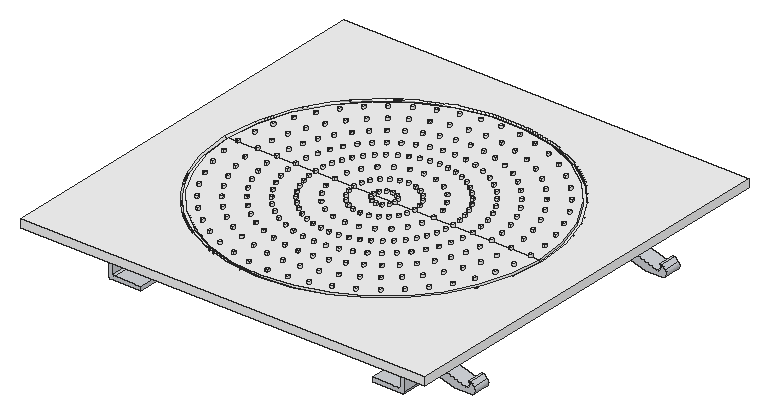
Revit family "Reece_Shower_GROHE_F Series_Overhead Shower_508 mm", category Plumbing Fixtures, host Face, Revit 2018
Family settings
  Host = Face
  Round Connector Dimension = Use Diameter
  Part Type = Normal
  Cut with Voids When Loaded = No
  Shared = Yes
  Room Calculation Point = Yes
Parameters (values of type "Chrome")
  WFU = 0  # constant formula
  URL = "https://www.reece.com.au/product/-9506717"
  Type Comments = "Shower"
  Reece_Shower_Inlet = 12 mm  # constant formula
  Reece_Product_Web Page = "https://www.reece.com.au/product/-9506717"
  Reece_Product_Type = "Shower"  # constant formula
  Reece_Product_Sub Brand = "F-Series"  # constant formula
  Reece_Product_Number = "9506717"
  Reece_Product_Mount = "Ceiling Mounted"
  Reece_Product_Description = "GROHE Rainshower F-Series Ceiling Mounted Shower Head 508mm Chrome (2 Star)"
  Reece_Product_Brand = "GROHE"  # constant formula
  Reece_Overall_Width = 508 mm  # constant formula
  Reece_Overall_Length = 508 mm  # constant formula
  Reece_Overall_Height = 12 mm  # constant formula
  Reece_Overall-Diameter = 390 mm  # constant formula
  Reece_Material_Main [instance] = Reece_Brass_Chrome
  Reece_Detail_Disclaimer = "THIS FILE IS THE PROPERTY OF THE REECE GROUP. IT MAY NOT BE REPRODUCED, REVERSE-ENGINEERED OR MODIFIED. ANY REPUBLICATION, TRANSMISSION OR DISTRIBUTION FOR THE PURPOSE OF COMMERCIALLY EXPLOITING THE FILES IS PROHIBITED."  # constant formula
  Reece_Detail_Additional = "Overhead Shower"  # constant formula
  Model = "F-Series"
  Manufacturer = "GROHE"
  Keynote = "Product #9506717, Reece_Shower_GROHE_F Series_Overhead Shower_508 mm - Chrome"
  HWFU = 0  # constant formula
  Disclaimer = "THIS FILE IS THE PROPERTY OF THE REECE GROUP. IT MAY NOT BE REPRODUCED, REVERSE-ENGINEERED OR MODIFIED. ANY REPUBLICATION, TRANSMISSION OR DISTRIBUTION FOR THE PURPOSE OF COMMERCIALLY EXPLOITING THE FILES IS PROHIBITED."  # constant formula
  Description = "GROHE Rainshower F-Series Ceiling Mounted Shower Head 508mm Chrome (2 Star)"
  Default Elevation = 0 mm
  CWFU = 0  # constant formula
Reference planes
  plane 1 "Center (Front/Back)": y = 0
  plane 2: z = 0
  plane 3 "Center (Left/Right)": x = 0
  plane 4: y = 195
  plane 5: y = -195
  plane 6: x = -195
  plane 7: x = 195
  plane 8: z = 12
  plane 9: z = -65
  plane 10: y = 254
  plane 11: y = -254
  plane 12: x = -254
  plane 13: x = 254
Forms (mm)
  Revolve 1, solid, material "Reece_Brass_Chrome" <- "Reece_Material_Main"
    sketch origin (0, 0, -219.6) x (1, 0, 0) y (0, 0, 1)
      loop
        line (0, 229.6) -> (0, 189.1) -> (16, 189.1) -> (16, 199.71)
        arc (16, 199.71) -> (15.446, 201.046) -> (14.11, 201.6) r 1.89
        line (14.11, 201.6) -> (11, 201.6) -> (11, 211.6) -> (26, 211.6) -> (26, 214.6) -> (192.5, 214.6) -> (192.5, 219.6) -> (195, 219.6) -> (195, 229.6) -> (0, 229.6)
      axis (0, 229.6) -> (0, 189.1)
    angle from 0 to 360
  Extrusion 2, solid, material "Reece_Brass_Chrome" <- "Reece_Material_Main", detail levels fine
    sketch origin (2.068, -0.55, -42.4) x (0.866025, -0.5, 0) y (0.5, 0.866025, 0)
      loop
        circle (-93.916, 158.531) r 2
      loop
        circle (-81.766, 137.487) r 2
      loop
        circle (-69.616, 116.443) r 2
      loop
        circle (-57.466, 95.398) r 2
      loop
        circle (-45.316, 74.354) r 2
      loop
        circle (-33.166, 53.309) r 2
      loop
        circle (-21.016, 32.265) r 2
      loop
        circle (-8.866, 11.221) r 2
      loop
        circle (-161.155, -92.407) r 2
      loop
        circle (-140.111, -80.257) r 2
      loop
        circle (-119.066, -68.107) r 2
      loop
        circle (-98.022, -55.957) r 2
      loop
        circle (-76.978, -43.807) r 2
      loop
        circle (-55.933, -31.657) r 2
      loop
        circle (-34.889, -19.507) r 2
      loop
        circle (-13.844, -7.357) r 2
      loop
        circle (-161.155, 91.293) r 2
      loop
        circle (-140.111, 79.143) r 2
      loop
        circle (-119.066, 66.993) r 2
      loop
        circle (-98.022, 54.843) r 2
      loop
        circle (-76.978, 42.693) r 2
      loop
        circle (-55.933, 30.543) r 2
      loop
        circle (-34.889, 18.393) r 2
      loop
        circle (-13.844, 6.243) r 2
      loop
        circle (-185.766, -0.557) r 2
      loop
        circle (-161.466, -0.557) r 2
      loop
        circle (-137.166, -0.557) r 2
      loop
        circle (-112.866, -0.557) r 2
      loop
        circle (-88.566, -0.557) r 2
      loop
        circle (-64.266, -0.557) r 2
      loop
        circle (-39.966, -0.557) r 2
      loop
        circle (-15.666, -0.557) r 2
      loop
        circle (-179.507, 46.988) r 2
      loop
        circle (-156.035, 40.698) r 2
      loop
        circle (-132.563, 34.409) r 2
      loop
        circle (-109.091, 28.12) r 2
      loop
        circle (-85.619, 21.83) r 2
      loop
        circle (-62.147, 15.541) r 2
      loop
        circle (-38.675, 9.252) r 2
      loop
        circle (-179.507, -48.102) r 2
      loop
        circle (-156.035, -41.813) r 2
      loop
        circle (-132.563, -35.524) r 2
      loop
        circle (-109.091, -29.235) r 2
      loop
        circle (-85.619, -22.945) r 2
      loop
        circle (-62.147, -16.656) r 2
      loop
        circle (-38.675, -10.367) r 2
      loop
        circle (-171.783, -70.856) r 2
      loop
        circle (-149.333, -61.557) r 2
      loop
        circle (-126.882, -52.258) r 2
      loop
        circle (-104.432, -42.959) r 2
      loop
        circle (-81.982, -33.659) r 2
      loop
        circle (-184.195, -24.535) r 2
      loop
        circle (-160.103, -21.363) r 2
      loop
        circle (-136.011, -18.191) r 2
      loop
        circle (-111.918, -15.02) r 2
      loop
        circle (-87.826, -11.848) r 2
      loop
        circle (-184.195, 23.42) r 2
      loop
        circle (-160.103, 20.249) r 2
      loop
        circle (-136.011, 17.077) r 2
      loop
        circle (-111.918, 13.905) r 2
      loop
        circle (-87.826, 10.733) r 2
      loop
        circle (-171.783, 69.742) r 2
      loop
        circle (-149.333, 60.442) r 2
      loop
        circle (-126.882, 51.143) r 2
      loop
        circle (-104.432, 41.844) r 2
      loop
        circle (-81.982, 32.545) r 2
      loop
        circle (-131.962, 129.338) r 2
      loop
        circle (-114.779, 112.155) r 2
      loop
        circle (-97.596, 94.973) r 2
      loop
        circle (-80.414, 77.79) r 2
      loop
        circle (-63.231, 60.607) r 2
      loop
        circle (-46.048, 43.425) r 2
      loop
        circle (-28.866, 26.242) r 2
      loop
        circle (-113.896, 145.182) r 2
      loop
        circle (-99.103, 125.903) r 2
      loop
        circle (-84.31, 106.625) r 2
      loop
        circle (-69.517, 87.346) r 2
      loop
        circle (-54.724, 68.068) r 2
      loop
        circle (-147.805, 111.272) r 2
      loop
        circle (-128.527, 96.479) r 2
      loop
        circle (-109.248, 81.686) r 2
      loop
        circle (-89.97, 66.893) r 2
      loop
        circle (-70.691, 52.1) r 2
      loop
        circle (-2.066, 183.143) r 2
      loop
        circle (-2.066, 158.843) r 2
      loop
        circle (-2.066, 134.543) r 2
      loop
        circle (-2.066, 110.243) r 2
      loop
        circle (-2.066, 85.943) r 2
      loop
        circle (-2.066, 61.643) r 2
      loop
        circle (-2.066, 37.343) r 2
      loop
        circle (-2.066, 13.043) r 2
      loop
        circle (89.784, 158.531) r 2
      loop
        circle (77.634, 137.487) r 2
      loop
        circle (65.484, 116.443) r 2
      loop
        circle (53.334, 95.398) r 2
      loop
        circle (41.184, 74.354) r 2
      loop
        circle (29.034, 53.309) r 2
      loop
        circle (16.884, 32.265) r 2
      loop
        circle (4.734, 11.221) r 2
      loop
        circle (45.479, 176.883) r 2
      loop
        circle (39.189, 153.411) r 2
      loop
        circle (32.9, 129.939) r 2
      loop
        circle (26.611, 106.467) r 2
      loop
        circle (20.322, 82.995) r 2
      loop
        circle (14.032, 59.523) r 2
      loop
        circle (7.743, 36.051) r 2
      loop
        circle (127.829, 129.338) r 2
      loop
        circle (110.646, 112.155) r 2
      loop
        circle (93.464, 94.973) r 2
      loop
        circle (76.281, 77.79) r 2
      loop
        circle (59.098, 60.607) r 2
      loop
        circle (41.916, 43.425) r 2
      loop
        circle (24.733, 26.242) r 2
      loop
        circle (143.673, 111.272) r 2
      loop
        circle (124.394, 96.479) r 2
      loop
        circle (105.116, 81.686) r 2
      loop
        circle (85.837, 66.893) r 2
      loop
        circle (66.559, 52.1) r 2
      loop
        circle (109.763, 145.182) r 2
      loop
        circle (94.97, 125.903) r 2
      loop
        circle (80.177, 106.625) r 2
      loop
        circle (65.384, 87.346) r 2
      loop
        circle (50.592, 68.068) r 2
      loop
        circle (68.233, 169.159) r 2
      loop
        circle (58.933, 146.709) r 2
      loop
        circle (49.634, 124.259) r 2
      loop
        circle (40.335, 101.808) r 2
      loop
        circle (31.036, 79.358) r 2
      loop
        circle (21.911, 181.571) r 2
      loop
        circle (18.74, 157.479) r 2
      loop
        circle (15.568, 133.387) r 2
      loop
        circle (12.396, 109.295) r 2
      loop
        circle (9.224, 85.203) r 2
      loop
        circle (-49.611, 176.883) r 2
      loop
        circle (-43.322, 153.411) r 2
      loop
        circle (-37.033, 129.939) r 2
      loop
        circle (-30.743, 106.467) r 2
      loop
        circle (-24.454, 82.995) r 2
      loop
        circle (-18.165, 59.523) r 2
      loop
        circle (-11.876, 36.051) r 2
      loop
        circle (-72.365, 169.159) r 2
      loop
        circle (-63.066, 146.709) r 2
      loop
        circle (-53.767, 124.259) r 2
      loop
        circle (-44.468, 101.808) r 2
      loop
        circle (-35.168, 79.358) r 2
      loop
        circle (-26.044, 181.571) r 2
      loop
        circle (-22.872, 157.479) r 2
      loop
        circle (-19.7, 133.387) r 2
      loop
        circle (-16.529, 109.295) r 2
      loop
        circle (-13.357, 85.203) r 2
      loop
        circle (89.784, -159.646) r 2
      loop
        circle (77.634, -138.602) r 2
      loop
        circle (65.484, -117.557) r 2
      loop
        circle (53.334, -96.513) r 2
      loop
        circle (41.184, -75.469) r 2
      loop
        circle (29.034, -54.424) r 2
      loop
        circle (16.884, -33.38) r 2
      loop
        circle (4.734, -12.335) r 2
      loop
        circle (-2.066, -184.257) r 2
      loop
        circle (-2.066, -159.957) r 2
      loop
        circle (-2.066, -135.657) r 2
      loop
        circle (-2.066, -111.357) r 2
      loop
        circle (-2.066, -87.057) r 2
      loop
        circle (-2.066, -62.757) r 2
      loop
        circle (-2.066, -38.457) r 2
      loop
        circle (-2.066, -14.157) r 2
      loop
        circle (-93.916, -159.646) r 2
      loop
        circle (-81.766, -138.602) r 2
      loop
        circle (-69.616, -117.557) r 2
      loop
        circle (-57.466, -96.513) r 2
      loop
        circle (-45.316, -75.469) r 2
      loop
        circle (-33.166, -54.424) r 2
      loop
        circle (-21.016, -33.38) r 2
      loop
        circle (-8.866, -12.335) r 2
      loop
        circle (-49.611, -177.998) r 2
      loop
        circle (-43.322, -154.526) r 2
      loop
        circle (-37.033, -131.054) r 2
      loop
        circle (-30.743, -107.582) r 2
      loop
        circle (-24.454, -84.11) r 2
      loop
        circle (-18.165, -60.638) r 2
      loop
        circle (-11.876, -37.166) r 2
      loop
        circle (-131.962, -130.453) r 2
      loop
        circle (-114.779, -113.27) r 2
      loop
        circle (-97.596, -96.087) r 2
      loop
        circle (-80.414, -78.905) r 2
      loop
        circle (-63.231, -61.722) r 2
      loop
        circle (-46.048, -44.539) r 2
      loop
        circle (-28.866, -27.357) r 2
      loop
        circle (-147.805, -112.387) r 2
      loop
        circle (-128.527, -97.594) r 2
      loop
        circle (-109.248, -82.801) r 2
      loop
        circle (-89.97, -68.008) r 2
      loop
        circle (-70.691, -53.215) r 2
      loop
        circle (-113.896, -146.296) r 2
      loop
        circle (-99.103, -127.018) r 2
      loop
        circle (-84.31, -107.739) r 2
      loop
        circle (-69.517, -88.461) r 2
      loop
        circle (-54.724, -69.182) r 2
      loop
        circle (-72.365, -170.274) r 2
      loop
        circle (-63.066, -147.824) r 2
      loop
        circle (-53.767, -125.373) r 2
      loop
        circle (-44.468, -102.923) r 2
      loop
        circle (-35.168, -80.473) r 2
      loop
        circle (-26.044, -182.686) r 2
      loop
        circle (-22.872, -158.594) r 2
      loop
        circle (-19.7, -134.502) r 2
      loop
        circle (-16.529, -110.409) r 2
      loop
        circle (-13.357, -86.317) r 2
      loop
        circle (45.479, -177.998) r 2
      loop
        circle (39.189, -154.526) r 2
      loop
        circle (32.9, -131.054) r 2
      loop
        circle (26.611, -107.582) r 2
      loop
        circle (20.322, -84.11) r 2
      loop
        circle (14.032, -60.638) r 2
      loop
        circle (7.743, -37.166) r 2
      loop
        circle (68.233, -170.274) r 2
      loop
        circle (58.933, -147.824) r 2
      loop
        circle (49.634, -125.373) r 2
      loop
        circle (40.335, -102.923) r 2
      loop
        circle (31.036, -80.473) r 2
      loop
        circle (21.911, -182.686) r 2
      loop
        circle (18.74, -158.594) r 2
      loop
        circle (15.568, -134.502) r 2
      loop
        circle (12.396, -110.409) r 2
      loop
        circle (9.224, -86.317) r 2
      loop
        circle (157.023, -92.407) r 2
      loop
        circle (135.978, -80.257) r 2
      loop
        circle (114.934, -68.107) r 2
      loop
        circle (93.889, -55.957) r 2
      loop
        circle (72.845, -43.807) r 2
      loop
        circle (51.8, -31.657) r 2
      loop
        circle (30.756, -19.507) r 2
      loop
        circle (9.712, -7.357) r 2
      loop
        circle (181.634, -0.557) r 2
      loop
        circle (157.334, -0.557) r 2
      loop
        circle (133.034, -0.557) r 2
      loop
        circle (108.734, -0.557) r 2
      loop
        circle (84.434, -0.557) r 2
      loop
        circle (60.134, -0.557) r 2
      loop
        circle (35.834, -0.557) r 2
      loop
        circle (11.534, -0.557) r 2
      loop
        circle (175.374, -48.102) r 2
      loop
        circle (151.902, -41.813) r 2
      loop
        circle (128.43, -35.524) r 2
      loop
        circle (104.958, -29.235) r 2
      loop
        circle (81.486, -22.945) r 2
      loop
        circle (58.014, -16.656) r 2
      loop
        circle (34.542, -10.367) r 2
      loop
        circle (175.374, 46.988) r 2
      loop
        circle (151.902, 40.698) r 2
      loop
        circle (128.43, 34.409) r 2
      loop
        circle (104.958, 28.12) r 2
      loop
        circle (81.486, 21.83) r 2
      loop
        circle (58.014, 15.541) r 2
      loop
        circle (34.542, 9.252) r 2
      loop
        circle (167.65, 69.742) r 2
      loop
        circle (145.2, 60.442) r 2
      loop
        circle (122.75, 51.143) r 2
      loop
        circle (100.3, 41.844) r 2
      loop
        circle (77.849, 32.545) r 2
      loop
        circle (180.062, 23.42) r 2
      loop
        circle (155.97, 20.249) r 2
      loop
        circle (131.878, 17.077) r 2
      loop
        circle (107.786, 13.905) r 2
      loop
        circle (83.694, 10.733) r 2
      loop
        circle (180.062, -24.535) r 2
      loop
        circle (155.97, -21.363) r 2
      loop
        circle (131.878, -18.191) r 2
      loop
        circle (107.786, -15.02) r 2
      loop
        circle (83.694, -11.848) r 2
      loop
        circle (167.65, -70.856) r 2
      loop
        circle (145.2, -61.557) r 2
      loop
        circle (122.75, -52.258) r 2
      loop
        circle (100.3, -42.959) r 2
      loop
        circle (77.849, -33.659) r 2
      loop
        circle (127.829, -130.453) r 2
      loop
        circle (110.646, -113.27) r 2
      loop
        circle (93.464, -96.087) r 2
      loop
        circle (76.281, -78.905) r 2
      loop
        circle (59.098, -61.722) r 2
      loop
        circle (41.916, -44.539) r 2
      loop
        circle (24.733, -27.357) r 2
      loop
        circle (109.763, -146.296) r 2
      loop
        circle (94.97, -127.018) r 2
      loop
        circle (80.177, -107.739) r 2
      loop
        circle (65.384, -88.461) r 2
      loop
        circle (50.592, -69.182) r 2
      loop
        circle (143.673, -112.387) r 2
      loop
        circle (124.394, -97.594) r 2
      loop
        circle (105.116, -82.801) r 2
      loop
        circle (85.837, -68.008) r 2
      loop
        circle (66.559, -53.215) r 2
      loop
        circle (157.023, 91.293) r 2
      loop
        circle (135.978, 79.143) r 2
      loop
        circle (114.934, 66.993) r 2
      loop
        circle (93.889, 54.843) r 2
      loop
        circle (72.845, 42.693) r 2
      loop
        circle (51.8, 30.543) r 2
      loop
        circle (30.756, 18.393) r 2
      loop
        circle (9.712, 6.243) r 2
    from 52.4 to 54.4
  Revolve 3, void
    sketch origin (0, 0, -32.6) x (1, 0, 0) y (0, 0, 1)
      loop
        line (0, 40.593) -> (0, 45.2) -> (-201.3, 45.2) -> (-198.996, 40.593) -> (0, 40.593)
      axis (0, 45.2) -> (0, 40.593)
    angle from 0 to 360
  Extrusion 4, solid, material "Reece_Brass_Chrome" <- "Reece_Material_Main"
    sketch origin (0, 0, 0) x (1, 0, 0) y (0, 1, 0)
      loop
        line (-254, 254) -> (-254, -254) -> (254, -254) -> (254, 254) -> (-254, 254)
    from 0 to 10
  Extrusion 5, solid
    sketch origin (0, 0, 0) x (-1, 0, 0) y (0, 0, -1)
      loop
        line (-185.5, 5) -> (-180.5, 5) -> (-180.5, 49.905)
        arc (-180.5, 49.905) -> (-179.886, 51.386) -> (-178.405, 52) r 2.095
        line (-178.405, 52) -> (-145.5, 52) -> (-145.5, 57) -> (-183.407, 57)
        arc (-183.407, 57) -> (-184.887, 56.387) -> (-185.5, 54.907) r 2.093
        line (-185.5, 54.907) -> (-185.5, 5)
    from -200 to 200
  Extrusion 6, solid
    sketch origin (0, 0, 0) x (1, 0, 0) y (0, 0, 1)
      loop
        line (-185.5, -5) -> (-185.5, -54.907)
        arc (-185.5, -54.907) -> (-184.887, -56.387) -> (-183.407, -57) r 2.093
        line (-183.407, -57) -> (-145.5, -57) -> (-145.5, -52) -> (-178.405, -52)
        arc (-178.405, -52) -> (-179.886, -51.386) -> (-180.5, -49.905) r 2.095
        line (-180.5, -49.905) -> (-180.5, -5) -> (-185.5, -5)
    from -200 to 200
  Extrusion 7, solid
    sketch origin (0, -140, 0) x (-1, 0, 0) y (0, 0, -1)
      loop
        line (161.544, 0) -> (171.544, 0) -> (171.544, 28.526)
        arc (171.544, 28.526) -> (172.524, 31.5) -> (175.082, 33.308) r 5
        line (175.082, 33.308) -> (230.851, 50.358)
        arc (230.851, 50.358) -> (235.679, 48.354) -> (235.001, 43.171) r 4.298
        line (235.001, 43.171) -> (233.881, 43.171) -> (233.881, 42.299) -> (236.544, 42.299) -> (241.073, 46.828)
        arc (241.073, 46.828) -> (242.602, 51.804) -> (239.342, 55.864) r 5.559
        arc (239.342, 55.864) -> (237.972, 56.295) -> (236.544, 56.441) r 7.071
        line (236.544, 56.441) -> (216.544, 56.441) -> (165.082, 40.707)
        arc (165.082, 40.707) -> (162.524, 38.9) -> (161.544, 35.926) r 5
        line (161.544, 35.926) -> (161.544, 0)
    from 0 to 20
  Extrusion 8, void
    sketch origin (-175, 0, -11.808) x (0, 1, 0) y (0, 0, 1)
      loop
        line (175.472, -18.192) -> (125.472, -18.192)
        arc (125.472, -18.192) -> (121.936, -19.656) -> (120.472, -23.192) r 5
        line (120.472, -23.192) -> (120.472, -33.192)
        arc (120.472, -33.192) -> (121.936, -36.728) -> (125.472, -38.192) r 5
        line (125.472, -38.192) -> (175.472, -38.192)
        arc (175.472, -38.192) -> (179.007, -36.728) -> (180.472, -33.192) r 5
        line (180.472, -33.192) -> (180.472, -23.192)
        arc (180.472, -23.192) -> (179.007, -19.656) -> (175.472, -18.192) r 5
    from -14.918 to 0
  Extrusion 9, void
    sketch origin (-175, 0, -11.808) x (0, -1, 0) y (0, 0, -1)
      loop
        arc (175.472, 18.192) -> (179.007, 19.656) -> (180.472, 23.192) r 5
        line (180.472, 23.192) -> (180.472, 33.192)
        arc (180.472, 33.192) -> (179.007, 36.728) -> (175.472, 38.192) r 5
        line (175.472, 38.192) -> (125.472, 38.192)
        arc (125.472, 38.192) -> (121.936, 36.728) -> (120.472, 33.192) r 5
        line (120.472, 33.192) -> (120.472, 23.192)
        arc (120.472, 23.192) -> (121.936, 19.656) -> (125.472, 18.192) r 5
        line (125.472, 18.192) -> (175.472, 18.192)
    from -14.918 to 0
  Extrusion 10, void
    sketch origin (175, 0, -11.808) x (0, 1, 0) y (0, 0, -1)
      loop
        arc (175.472, 18.192) -> (179.007, 19.656) -> (180.472, 23.192) r 5
        line (180.472, 23.192) -> (180.472, 33.192)
        arc (180.472, 33.192) -> (179.007, 36.728) -> (175.472, 38.192) r 5
        line (175.472, 38.192) -> (125.472, 38.192)
        arc (125.472, 38.192) -> (121.936, 36.728) -> (120.472, 33.192) r 5
        line (120.472, 33.192) -> (120.472, 23.192)
        arc (120.472, 23.192) -> (121.936, 19.656) -> (125.472, 18.192) r 5
        line (125.472, 18.192) -> (175.472, 18.192)
    from -14.918 to 0
  Extrusion 11, void
    sketch origin (175, 0, -11.808) x (0, -1, 0) y (0, 0, 1)
      loop
        line (175.472, -18.192) -> (125.472, -18.192)
        arc (125.472, -18.192) -> (121.936, -19.656) -> (120.472, -23.192) r 5
        line (120.472, -23.192) -> (120.472, -33.192)
        arc (120.472, -33.192) -> (121.936, -36.728) -> (125.472, -38.192) r 5
        line (125.472, -38.192) -> (175.472, -38.192)
        arc (175.472, -38.192) -> (179.007, -36.728) -> (180.472, -33.192) r 5
        line (180.472, -33.192) -> (180.472, -23.192)
        arc (180.472, -23.192) -> (179.007, -19.656) -> (175.472, -18.192) r 5
    from -14.918 to 0
  Extrusion 12, solid
    sketch origin (0, 140, 0) x (-1, 0, 0) y (0, 0, 1)
      loop
        line (161.544, 0) -> (161.544, -35.926)
        arc (161.544, -35.926) -> (162.524, -38.9) -> (165.082, -40.707) r 5
        line (165.082, -40.707) -> (216.544, -56.441) -> (236.544, -56.441)
        arc (236.544, -56.441) -> (237.972, -56.295) -> (239.342, -55.864) r 7.071
        arc (239.342, -55.864) -> (242.602, -51.804) -> (241.073, -46.828) r 5.559
        line (241.073, -46.828) -> (236.544, -42.299) -> (233.881, -42.299) -> (233.881, -43.171) -> (235.001, -43.171)
        arc (235.001, -43.171) -> (235.679, -48.354) -> (230.851, -50.358) r 4.298
        line (230.851, -50.358) -> (175.082, -33.308)
        arc (175.082, -33.308) -> (172.524, -31.5) -> (171.544, -28.526) r 5
        line (171.544, -28.526) -> (171.544, 0) -> (161.544, 0)
    from 0 to 20
  Extrusion 13, solid
    sketch origin (0, -140, 0) x (1, 0, 0) y (0, 0, 1)
      loop
        line (161.544, 0) -> (161.544, -35.926)
        arc (161.544, -35.926) -> (162.524, -38.9) -> (165.082, -40.707) r 5
        line (165.082, -40.707) -> (216.544, -56.441) -> (236.544, -56.441)
        arc (236.544, -56.441) -> (237.972, -56.295) -> (239.342, -55.864) r 7.071
        arc (239.342, -55.864) -> (242.602, -51.804) -> (241.073, -46.828) r 5.559
        line (241.073, -46.828) -> (236.544, -42.299) -> (233.881, -42.299) -> (233.881, -43.171) -> (235.001, -43.171)
        arc (235.001, -43.171) -> (235.679, -48.354) -> (230.851, -50.358) r 4.298
        line (230.851, -50.358) -> (175.082, -33.308)
        arc (175.082, -33.308) -> (172.524, -31.5) -> (171.544, -28.526) r 5
        line (171.544, -28.526) -> (171.544, 0) -> (161.544, 0)
    from 0 to 20
  Extrusion 14, solid
    sketch origin (0, 140, 0) x (1, 0, 0) y (0, 0, -1)
      loop
        line (161.544, 0) -> (171.544, 0) -> (171.544, 28.526)
        arc (171.544, 28.526) -> (172.524, 31.5) -> (175.082, 33.308) r 5
        line (175.082, 33.308) -> (230.851, 50.358)
        arc (230.851, 50.358) -> (235.679, 48.354) -> (235.001, 43.171) r 4.298
        line (235.001, 43.171) -> (233.881, 43.171) -> (233.881, 42.299) -> (236.544, 42.299) -> (241.073, 46.828)
        arc (241.073, 46.828) -> (242.602, 51.804) -> (239.342, 55.864) r 5.559
        arc (239.342, 55.864) -> (237.972, 56.295) -> (236.544, 56.441) r 7.071
        line (236.544, 56.441) -> (216.544, 56.441) -> (165.082, 40.707)
        arc (165.082, 40.707) -> (162.524, 38.9) -> (161.544, 35.926) r 5
        line (161.544, 35.926) -> (161.544, 0)
    from 0 to 20
  Extrusion 15, void
    sketch origin (0, 0, 0) x (1, 0, 0) y (0, 0, 1)
      loop
        line (-195, 0) -> (-195, -65) -> (195, -65) -> (195, 0) -> (-195, 0)
    from -213.577 to 212.467
Cuts and joins
  Revolve 3 cuts Extrusion 4
  Extrusion 8, Extrusion 9, Extrusion 10, Extrusion 11 cuts Extrusion 6
  Extrusion 11 cuts Extrusion 7
  Extrusion 10, Extrusion 11 cuts Extrusion 5
Text (mm)
  text "Reece Copyright © 2018, Reece Ltd." at (-684.407, -384.82, 0), in view "Ref. Level"
  text "Reece ©" at (-69.517, 510.906, -588.807), in view "Reece_Preview"
Dimensions and locks
  equal spacing: plane 4, plane 1 "Center (Front/Back)", plane 5
  "Reece_Overall-Diameter": plane 4 to plane 5
  "Reece_Overall_Height": plane 8 to host face
  "Reece_Overall_Length": plane 10 to plane 11
  equal spacing: plane 12, plane 3 "Center (Left/Right)", plane 13
  "Reece_Overall_Width": plane 12 to plane 13
  plane 13 to plane 12 = 508 mm
  plane 10 to plane 11 = 508 mm
  aligned and locked: host face to plane 2
  aligned and locked: host face to level
Automatic sketch dimensions
  host sketch curve to host sketch curve = 719.989 mm
  host sketch curve to host sketch curve = 682.232 mm
  plane 3 "Center (Left/Right)" to Revolve 1 sketch curve = 0 mm
  Revolve 1 sketch curve to plane 3 "Center (Left/Right)" = 0 mm
  Revolve 1 sketch curve to level = 0 mm
  Revolve 1 sketch curve to plane 7 = 0 mm
  plane 3 "Center (Left/Right)" to Revolve 1 sketch curve = 11 mm
  Revolve 1 sketch curve to Revolve 1 sketch curve = 3.11 mm
  Revolve 1 sketch curve to Revolve 1 sketch curve = 1.89 mm
  Revolve 1 sketch curve to level = 5 mm
  Revolve 1 sketch curve to Revolve 1 sketch curve = 15 mm
  Revolve 1 sketch curve to plane 7 = 2.5 mm
  Revolve 1 sketch curve to level = 8 mm
  Revolve 1 sketch curve to Revolve 1 sketch curve = 10 mm
  plane 8 to Revolve 1 sketch curve = 2 mm
  plane 9 to Revolve 1 sketch curve = 764.2 mm
  Revolve 1 sketch curve to plane 8 = 128.8 mm
  Extrusion 2 sketch curve to Extrusion 2 sketch curve = 0 mm  (x600)
  plane 1 "Center (Front/Back)" to Extrusion 2 sketch curve = 0 mm  (x16)
  Extrusion 2 sketch curve to plane 3 "Center (Left/Right)" = 0 mm  (x16)
  plane 6 to Extrusion 2 sketch curve = 35.911 mm
  Extrusion 2 sketch curve to plane 1 "Center (Front/Back)" = 91.85 mm
  Extrusion 2 sketch curve to Extrusion 2 sketch curve = 1.572 mm  (x5)
  Extrusion 2 sketch curve to Extrusion 2 sketch curve = 4.688 mm  (x8)
  Extrusion 2 sketch curve to Extrusion 2 sketch curve = 7.724 mm  (x8)
  Extrusion 2 sketch curve to Extrusion 2 sketch curve = 24.3 mm  (x11)
  Extrusion 2 sketch curve to Extrusion 2 sketch curve = 10.628 mm  (x8)
  Extrusion 2 sketch curve to Extrusion 2 sketch curve = 1.364 mm  (x6)
  Extrusion 2 sketch curve to Extrusion 2 sketch curve = 4.068 mm  (x8)
  Extrusion 2 sketch curve to Extrusion 2 sketch curve = 6.702 mm  (x7)
  Extrusion 2 sketch curve to Extrusion 2 sketch curve = 13.35 mm  (x5)
  Extrusion 2 sketch curve to Extrusion 2 sketch curve = 9.222 mm  (x8)
  Extrusion 2 sketch curve to Extrusion 2 sketch curve = 1.156 mm  (x6)
  Extrusion 2 sketch curve to Extrusion 2 sketch curve = 3.448 mm  (x8)
  Extrusion 2 sketch curve to Extrusion 2 sketch curve = 15.843 mm  (x8)
  Extrusion 2 sketch curve to Extrusion 2 sketch curve = 11.584 mm  (x7)
  Extrusion 2 sketch curve to Extrusion 2 sketch curve = 5.68 mm  (x7)
  Extrusion 2 sketch curve to Extrusion 2 sketch curve = 7.816 mm  (x8)
  Extrusion 2 sketch curve to Extrusion 2 sketch curve = 13.748 mm  (x8)
  Extrusion 2 sketch curve to Extrusion 2 sketch curve = 18.066 mm  (x7)
  Extrusion 2 sketch curve to Extrusion 2 sketch curve = 0.948 mm  (x6)
  Extrusion 2 sketch curve to Extrusion 2 sketch curve = 9.818 mm  (x7)
  Extrusion 2 sketch curve to Extrusion 2 sketch curve = 2.828 mm  (x8)
  Extrusion 2 sketch curve to Extrusion 2 sketch curve = 4.659 mm  (x7)
  Extrusion 2 sketch curve to Extrusion 2 sketch curve = 15.676 mm  (x7)
  Extrusion 2 sketch curve to Extrusion 2 sketch curve = 6.41 mm  (x8)
  Extrusion 2 sketch curve to Extrusion 2 sketch curve = 11.652 mm  (x8)
  Extrusion 2 sketch curve to Extrusion 2 sketch curve = 19.979 mm  (x8)
  Extrusion 2 sketch curve to Extrusion 2 sketch curve = 8.052 mm  (x7)
  Extrusion 2 sketch curve to Extrusion 2 sketch curve = 0.74 mm  (x6)
  Extrusion 2 sketch curve to Extrusion 2 sketch curve = 2.207 mm  (x8)
  Extrusion 2 sketch curve to Extrusion 2 sketch curve = 13.286 mm  (x7)
  Extrusion 2 sketch curve to Extrusion 2 sketch curve = 3.637 mm  (x7)
  Extrusion 2 sketch curve to Extrusion 2 sketch curve = 17.337 mm  (x8)
  Extrusion 2 sketch curve to Extrusion 2 sketch curve = 9.556 mm  (x8)
  Extrusion 2 sketch curve to Extrusion 2 sketch curve = 5.004 mm  (x8)
  Extrusion 2 sketch curve to Extrusion 2 sketch curve = 21.551 mm  (x8)
  Extrusion 2 sketch curve to Extrusion 2 sketch curve = 6.286 mm  (x7)
  Extrusion 2 sketch curve to Extrusion 2 sketch curve = 14.694 mm  (x8)
  Extrusion 2 sketch curve to Extrusion 2 sketch curve = 10.897 mm  (x7)
  Extrusion 2 sketch curve to Extrusion 2 sketch curve = 7.46 mm  (x8)
  Extrusion 2 sketch curve to Extrusion 2 sketch curve = 18.7 mm  (x8)
  Extrusion 2 sketch curve to Extrusion 2 sketch curve = 2.119 mm  (x5)
  Extrusion 2 sketch curve to Extrusion 2 sketch curve = 12.051 mm  (x8)
  Extrusion 2 sketch curve to Extrusion 2 sketch curve = 6.214 mm  (x8)
  Extrusion 2 sketch curve to Extrusion 2 sketch curve = 8.507 mm  (x8)
  Extrusion 2 sketch curve to Extrusion 2 sketch curve = 15.849 mm  (x8)
  Extrusion 2 sketch curve to Extrusion 2 sketch curve = 22.754 mm  (x7)
  Extrusion 2 sketch curve to Extrusion 2 sketch curve = 9.885 mm  (x6)
  Extrusion 2 sketch curve to Extrusion 2 sketch curve = 9.408 mm  (x7)
  Extrusion 2 sketch curve to Extrusion 2 sketch curve = 12.999 mm  (x8)
  Extrusion 2 sketch curve to Extrusion 2 sketch curve = 19.744 mm  (x7)
  Extrusion 2 sketch curve to Extrusion 2 sketch curve = 1.291 mm  (x5)
  Extrusion 2 sketch curve to Extrusion 2 sketch curve = 16.734 mm  (x7)
  Extrusion 2 sketch curve to Extrusion 2 sketch curve = 10.148 mm  (x7)
  Extrusion 2 sketch curve to Extrusion 2 sketch curve = 3.786 mm  (x8)
  Extrusion 2 sketch curve to Extrusion 2 sketch curve = 12.882 mm  (x8)
  Extrusion 2 sketch curve to Extrusion 2 sketch curve = 13.724 mm  (x7)
  Extrusion 2 sketch curve to Extrusion 2 sketch curve = 6.023 mm  (x6)
  Extrusion 2 sketch curve to Extrusion 2 sketch curve = 23.567 mm  (x7)
  Extrusion 2 sketch curve to Extrusion 2 sketch curve = 10.714 mm  (x8)
  Extrusion 2 sketch curve to Extrusion 2 sketch curve = 20.45 mm  (x8)
  Extrusion 2 sketch curve to Extrusion 2 sketch curve = 7.849 mm  (x8)
  Extrusion 2 sketch curve to Extrusion 2 sketch curve = 17.332 mm  (x8)
  Extrusion 2 sketch curve to Extrusion 2 sketch curve = 15.001 mm  (x8)
  Extrusion 2 sketch curve to Extrusion 2 sketch curve = 14.215 mm  (x8)
  Extrusion 2 sketch curve to Extrusion 2 sketch curve = 1.822 mm  (x6)
  Extrusion 2 sketch curve to Extrusion 2 sketch curve = 11.097 mm  (x8)
  Extrusion 2 sketch curve to Extrusion 2 sketch curve = 9.141 mm  (x8)
  Extrusion 2 sketch curve to Extrusion 2 sketch curve = 4.978 mm  (x7)
  Extrusion 2 sketch curve to Extrusion 2 sketch curve = 23.978 mm  (x8)
  Extrusion 2 sketch curve to Extrusion 2 sketch curve = 6.8 mm  (x6)
  Extrusion 2 sketch curve to Extrusion 2 sketch curve = 9.809 mm  (x7)
  Extrusion 2 sketch curve to Extrusion 2 sketch curve = 17.634 mm  (x8)
  Extrusion 2 sketch curve to Extrusion 2 sketch curve = 16.099 mm  (x7)
  Extrusion 2 sketch curve to Extrusion 2 sketch curve = 20.806 mm  (x8)
  Extrusion 2 sketch curve to Extrusion 2 sketch curve = 14.462 mm  (x8)
  Extrusion 2 sketch curve to Extrusion 2 sketch curve = 11.291 mm  (x8)
  Extrusion 2 sketch curve to Extrusion 2 sketch curve = 21.044 mm  (x2)
  Extrusion 2 sketch curve to Extrusion 2 sketch curve = 42.4 mm
  Extrusion 2 sketch curve to Extrusion 2 sketch curve = 10.317 mm
  Extrusion 2 sketch curve to Extrusion 2 sketch curve = 5.078 mm
  Extrusion 2 sketch curve to Extrusion 2 sketch curve = 1 mm  (x104)
  Extrusion 2 sketch curve to Extrusion 2 sketch curve = 1.218 mm  (x60)
  Extrusion 2 sketch curve to Extrusion 2 sketch curve = 0.518 mm  (x112)
  Extrusion 2 sketch curve to Extrusion 2 sketch curve = 0.261 mm  (x60)
  Extrusion 2 sketch curve to Extrusion 2 sketch curve = 1.732 mm  (x88)
  Extrusion 2 sketch curve to Extrusion 2 sketch curve = 1.848 mm  (x60)
  Extrusion 2 sketch curve to Extrusion 2 sketch curve = 1.932 mm  (x98)
  Extrusion 2 sketch curve to Extrusion 2 sketch curve = 0.765 mm  (x60)
  Extrusion 2 sketch curve to Extrusion 2 sketch curve = 1.983 mm  (x60)
  Extrusion 2 sketch curve to Extrusion 2 sketch curve = 1.414 mm  (x42)
  Extrusion 2 sketch curve to Extrusion 2 sketch curve = 1.587 mm  (x60)
  Extrusion 2 sketch curve to Extrusion 2 sketch curve = 2 mm  (x32)
  Revolve 3 sketch curve to plane 3 "Center (Left/Right)" = 0 mm  (x2)
  Revolve 3 sketch curve to level = 0 mm
  Revolve 3 sketch curve to plane 6 = 3.996 mm
  Revolve 3 sketch curve to plane 8 = 0.6 mm
  Revolve 3 sketch curve to Revolve 3 sketch curve = 2.304 mm
  plane 8 to Revolve 3 sketch curve = 4.007 mm
  Revolve 3 sketch curve to Revolve 3 sketch curve = 0 mm
  Extrusion 4 sketch curve to plane 11 = 0 mm
  plane 10 to Extrusion 4 sketch curve = 0 mm
  Extrusion 4 sketch curve to plane 6 = 59 mm
  plane 7 to Extrusion 4 sketch curve = 59 mm
  plane 7 to Extrusion 5 sketch curve = 9.5 mm
  Extrusion 5 sketch curve to Extrusion 5 sketch curve = 2.093 mm
  Extrusion 5 sketch curve to Extrusion 5 sketch curve = 5 mm
  Extrusion 5 sketch curve to Extrusion 5 sketch curve = 2.095 mm
  plane 9 to Extrusion 5 sketch curve = 13 mm
  Extrusion 5 sketch curve to Extrusion 5 sketch curve = 32.905 mm
  Extrusion 5 sketch curve to Extrusion 5 sketch curve = 2.907 mm
  level to Extrusion 5 sketch curve = 5 mm
  plane 6 to Extrusion 6 sketch curve = 9.5 mm
  Extrusion 6 sketch curve to Extrusion 6 sketch curve = 2.093 mm
  Extrusion 6 sketch curve to Extrusion 6 sketch curve = 5 mm
  Extrusion 6 sketch curve to Extrusion 6 sketch curve = 2.095 mm
  Extrusion 6 sketch curve to plane 9 = 13 mm
  Extrusion 6 sketch curve to Extrusion 6 sketch curve = 32.905 mm
  Extrusion 6 sketch curve to Extrusion 6 sketch curve = 2.907 mm
  Extrusion 6 sketch curve to level = 5 mm
  Extrusion 7 sketch curve to level = 0 mm
  plane 6 to Extrusion 7 sketch curve = 33.456 mm
  Extrusion 7 sketch curve to Extrusion 7 sketch curve = 3.538 mm  (x2)
  Extrusion 7 sketch curve to Extrusion 7 sketch curve = 5 mm  (x2)
  Extrusion 7 sketch curve to Extrusion 7 sketch curve = 1.462 mm
  Extrusion 7 sketch curve to plane 9 = 8.559 mm
  Extrusion 7 sketch curve to plane 6 = 21.544 mm
  Extrusion 7 sketch curve to plane 9 = 14.642 mm
  Extrusion 7 sketch curve to Extrusion 7 sketch curve = 14.308 mm
  Extrusion 7 sketch curve to Extrusion 7 sketch curve = 1.106 mm
  Extrusion 7 sketch curve to Extrusion 7 sketch curve = 1.924 mm
  Extrusion 7 sketch curve to Extrusion 7 sketch curve = 1.12 mm
  Extrusion 7 sketch curve to Extrusion 7 sketch curve = 1.543 mm
  Extrusion 7 sketch curve to Extrusion 7 sketch curve = 5.692 mm
  Extrusion 7 sketch curve to Extrusion 7 sketch curve = 0.598 mm
  Extrusion 7 sketch curve to plane 9 = 18.172 mm
  Extrusion 7 sketch curve to Extrusion 7 sketch curve = 4.529 mm  (x2)
  Extrusion 7 sketch curve to level = 28.526 mm
  Extrusion 7 sketch curve to Extrusion 7 sketch curve = 7.4 mm
  Extrusion 7 sketch curve to Extrusion 7 sketch curve = 0.872 mm
  Extrusion 7 sketch curve to Extrusion 7 sketch curve = 2.542 mm
  Extrusion 7 sketch curve to Extrusion 7 sketch curve = 1.389 mm
  Extrusion 8 sketch curve to plane 9 = 20 mm
  Extrusion 8 sketch curve to plane 4 = 74.528 mm
  Extrusion 8 sketch curve to Extrusion 8 sketch curve = 5 mm  (x3)
  Extrusion 8 sketch curve to plane 4 = 19.528 mm
  Extrusion 8 sketch curve to Extrusion 8 sketch curve = 0 mm
  Extrusion 8 sketch curve to Extrusion 8 sketch curve = 10 mm
  Extrusion 9 sketch curve to plane 9 = 20 mm
  plane 5 to Extrusion 9 sketch curve = 74.528 mm
  Extrusion 9 sketch curve to Extrusion 9 sketch curve = 5 mm  (x3)
  plane 5 to Extrusion 9 sketch curve = 19.528 mm
  Extrusion 9 sketch curve to Extrusion 9 sketch curve = 0 mm
  Extrusion 9 sketch curve to Extrusion 9 sketch curve = 10 mm
  Extrusion 10 sketch curve to plane 9 = 20 mm
  Extrusion 10 sketch curve to plane 4 = 74.528 mm
  Extrusion 10 sketch curve to Extrusion 10 sketch curve = 5 mm  (x3)
  Extrusion 10 sketch curve to plane 4 = 19.528 mm
  Extrusion 10 sketch curve to Extrusion 10 sketch curve = 0 mm
  Extrusion 10 sketch curve to Extrusion 10 sketch curve = 10 mm
  Extrusion 11 sketch curve to plane 9 = 20 mm
  plane 5 to Extrusion 11 sketch curve = 74.528 mm
  Extrusion 11 sketch curve to Extrusion 11 sketch curve = 5 mm  (x3)
  plane 5 to Extrusion 11 sketch curve = 19.528 mm
  Extrusion 11 sketch curve to Extrusion 11 sketch curve = 0 mm
  Extrusion 11 sketch curve to Extrusion 11 sketch curve = 10 mm
  Extrusion 12 sketch curve to level = 0 mm
  plane 6 to Extrusion 12 sketch curve = 33.456 mm
  Extrusion 12 sketch curve to Extrusion 12 sketch curve = 3.538 mm  (x2)
  Extrusion 12 sketch curve to Extrusion 12 sketch curve = 5 mm  (x2)
  Extrusion 12 sketch curve to Extrusion 12 sketch curve = 1.462 mm
  Extrusion 12 sketch curve to plane 9 = 8.559 mm
  Extrusion 12 sketch curve to plane 6 = 21.544 mm
  Extrusion 12 sketch curve to plane 9 = 14.642 mm
  Extrusion 12 sketch curve to Extrusion 12 sketch curve = 14.308 mm
  Extrusion 12 sketch curve to Extrusion 12 sketch curve = 1.106 mm
  Extrusion 12 sketch curve to Extrusion 12 sketch curve = 1.924 mm
  Extrusion 12 sketch curve to Extrusion 12 sketch curve = 1.12 mm
  Extrusion 12 sketch curve to Extrusion 12 sketch curve = 1.543 mm
  Extrusion 12 sketch curve to Extrusion 12 sketch curve = 5.692 mm
  Extrusion 12 sketch curve to Extrusion 12 sketch curve = 0.598 mm
  Extrusion 12 sketch curve to plane 9 = 18.172 mm
  Extrusion 12 sketch curve to Extrusion 12 sketch curve = 4.529 mm
  Extrusion 12 sketch curve to Extrusion 12 sketch curve = 3.931 mm
  Extrusion 12 sketch curve to Extrusion 12 sketch curve = 1.389 mm
  Extrusion 12 sketch curve to Extrusion 12 sketch curve = 4.153 mm
  Extrusion 12 sketch curve to Extrusion 12 sketch curve = 0.872 mm
  Extrusion 12 sketch curve to plane 9 = 24.293 mm
  Extrusion 12 sketch curve to Extrusion 12 sketch curve = 2.618 mm
  Extrusion 13 sketch curve to level = 0 mm
  Extrusion 13 sketch curve to plane 7 = 33.456 mm
  Extrusion 13 sketch curve to Extrusion 13 sketch curve = 3.538 mm  (x2)
  Extrusion 13 sketch curve to Extrusion 13 sketch curve = 5 mm  (x2)
  Extrusion 13 sketch curve to Extrusion 13 sketch curve = 1.462 mm
  Extrusion 13 sketch curve to plane 9 = 8.559 mm
  plane 7 to Extrusion 13 sketch curve = 21.544 mm
  Extrusion 13 sketch curve to plane 9 = 14.642 mm
  Extrusion 13 sketch curve to Extrusion 13 sketch curve = 14.308 mm
  Extrusion 13 sketch curve to Extrusion 13 sketch curve = 1.106 mm
  Extrusion 13 sketch curve to Extrusion 13 sketch curve = 1.924 mm
  Extrusion 13 sketch curve to Extrusion 13 sketch curve = 1.12 mm
  Extrusion 13 sketch curve to Extrusion 13 sketch curve = 1.543 mm
  Extrusion 13 sketch curve to Extrusion 13 sketch curve = 5.692 mm
  Extrusion 13 sketch curve to Extrusion 13 sketch curve = 0.598 mm
  Extrusion 13 sketch curve to plane 9 = 18.172 mm
  Extrusion 13 sketch curve to Extrusion 13 sketch curve = 4.529 mm
  Extrusion 13 sketch curve to Extrusion 13 sketch curve = 3.931 mm
  Extrusion 13 sketch curve to Extrusion 13 sketch curve = 1.389 mm
  Extrusion 13 sketch curve to Extrusion 13 sketch curve = 4.153 mm
  Extrusion 13 sketch curve to Extrusion 13 sketch curve = 0.872 mm
  Extrusion 13 sketch curve to plane 9 = 24.293 mm
  Extrusion 13 sketch curve to Extrusion 13 sketch curve = 2.618 mm
  Extrusion 14 sketch curve to level = 0 mm
  Extrusion 14 sketch curve to plane 7 = 33.456 mm
  Extrusion 14 sketch curve to Extrusion 14 sketch curve = 3.538 mm  (x2)
  Extrusion 14 sketch curve to Extrusion 14 sketch curve = 5 mm  (x2)
  Extrusion 14 sketch curve to Extrusion 14 sketch curve = 1.462 mm
  Extrusion 14 sketch curve to plane 9 = 8.559 mm
  plane 7 to Extrusion 14 sketch curve = 21.544 mm
  Extrusion 14 sketch curve to plane 9 = 14.642 mm
  Extrusion 14 sketch curve to Extrusion 14 sketch curve = 14.308 mm
  Extrusion 14 sketch curve to Extrusion 14 sketch curve = 1.106 mm
  Extrusion 14 sketch curve to Extrusion 14 sketch curve = 1.924 mm
  Extrusion 14 sketch curve to Extrusion 14 sketch curve = 1.12 mm
  Extrusion 14 sketch curve to Extrusion 14 sketch curve = 1.543 mm
  Extrusion 14 sketch curve to Extrusion 14 sketch curve = 5.692 mm
  Extrusion 14 sketch curve to Extrusion 14 sketch curve = 0.598 mm
  Extrusion 14 sketch curve to plane 9 = 18.172 mm
  Extrusion 14 sketch curve to Extrusion 14 sketch curve = 4.529 mm  (x2)
  Extrusion 14 sketch curve to level = 28.526 mm
  Extrusion 14 sketch curve to Extrusion 14 sketch curve = 7.4 mm
  Extrusion 14 sketch curve to Extrusion 14 sketch curve = 0.872 mm
  Extrusion 14 sketch curve to Extrusion 14 sketch curve = 2.542 mm
  Extrusion 14 sketch curve to Extrusion 14 sketch curve = 1.389 mm
  Revolve 1 sketch curve to Revolve 1 sketch curve = 10.61 mm
  Extrusion 15 sketch curve to level = 0 mm
  plane 6 to Extrusion 15 sketch curve = 0 mm
  Extrusion 15 sketch curve to plane 9 = 0 mm
  Extrusion 15 sketch curve to plane 7 = 0 mm
Connectors
  piping at (0, 0, -30.5), diameter 12, driven by "Reece_Shower_Inlet"
    settings: on Revolve 1, index 1, connector inside diameter 609.6 mm, connector length 0 mm, flow factor 0, pipe flow 0.0 L/s, pressure drop 0.0 Pa, fitting loss kfactor 0, connector angle 0.00°, fixture units 0, engagement length 0 mm, angle of deflection 0.00°, flow configuration 0, flow direction 1, fitting loss method 0, system type 7, joint type 0, gender type 0, connector reference index -1, connector utility 0, adjustable connector no, is connector primary yes, connector description ""
